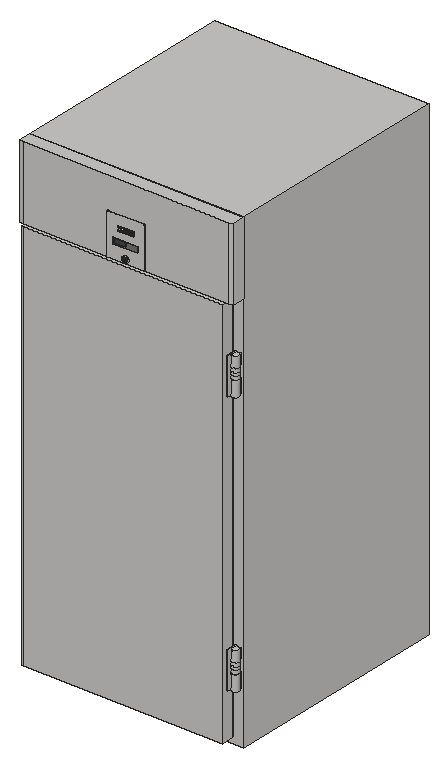
Revit family "QF_ZANUSSI_110885_ZRI16R1FR", category Specialty Equipment, Revit 2018
Family settings
  Round Connector Dimension = Use Diameter
  Part Type = Normal
  Work Plane-Based = No
  Always vertical = Yes
  Cut with Voids When Loaded = No
  Shared = No
  Room Calculation Point = No
Parameters (values of type "Standard")
  Weight = 180.00 kg
  Watts = 18.5806 W
  Volts = 220 V
  URL Manufacturer = "http://www.zanussiprofessional.com"
  URL = "http://www.zanussiprofessional.com"
  Steam Supply Size = 0 mm
  Steam Supply Minimum Pressure = 0.0 Pa
  Steam Supply Maximum Pressure = 0.0 Pa
  Steam Pounds per Hour = 0
  Refrigeration Suction Line Size = 0.031 mm
  Refrigeration Liquid Line Size = 0.02 mm
  Refrigerant Compressor Remote = yes
  Manufacturer = "Zanussi"
  Phase = 1
  Model = "ZRI16R1FR"
  Length Actual = 1021 mm  # constant formula
  Item Number = "110885"
  Hot Water Size = 0 mm
  Height Actual = 2273 mm  # constant formula
  HP = "0.3 HP"
  Gas Size = 0 mm
  Gas KW = 0
  Gas Input Pressure = 0 W
  Description = "1-DOOR ROLL-IN REFRIGERATOR 1600L +2°C/+10°C REMOTE"
  Depth Actual = 1175 mm  # constant formula
  Cycle = 60 Hz
  Condensate Return Size = 0 mm
  Compressed Air Volume = 0.0 L/s
  Compressed Air Size = 0 mm
  Compressed Air Pressure = 0.0 Pa
  Cold Water Size = 0 mm
  Accessory = yes
Types (2, lengths in mm): name | URL | Manufacturer | Phase | Model | Description
  (no name) | 0 | 0 | 0 | 0 | 0
  Standard | "http://www.zanussiprofessional.com" | "Zanussi" | 1 | "ZRI16R1FR" | "1-DOOR ROLL-IN REFRIGERATOR 1600L +2°C/+10°C REMOTE"
Values of the unnamed type that differ from the named types
  Watts = 0 W
  Volts = 0 V
  URL Manufacturer = ""
  Item Number = ""
  HP = ""
  Cycle = 0 Hz
Reference planes
  plane 1 "Center (Front/Back)": y = 0
  plane 2: z = 0
  plane 3 "Center (Left/Right)": x = 0
  plane 4 "TOP": z = 2273
  plane 5 "FRONT": y = -587.5
  plane 6 "BACK": y = 587.5
  plane 7 "LEFT": x = -510.5
  plane 8 "RIGHT": x = 510.5
  plane 9 "ROy": y = -397.5
  plane 10 "RIy": y = -393.5
  plane 11 "ROx": x = 394.5
  plane 12 "RIx": x = 332.5
  plane 13 "ROz": z = 2054
Forms (mm)
  Extrusion 1, solid, material "QF_Finishes_Stainless Steel"
    sketch origin (0, 0, 0) x (1, 0, 0) y (0, 1, 0)
      loop
        line (-510.5, 587.5) -> (-510.5, -515.5) -> (510.5, -515.5) -> (510.5, 587.5) -> (-510.5, 587.5)
    from 0 to 2273
  Extrusion 2, solid
    sketch origin (0, 587.5, 1872) x (-1, 0, 0) y (0, 0, 1)
      loop
        circle (494.5, 306) r 10
    from 0 to 3.2
  Extrusion 3, solid, material "QF_Clearances", detail levels coarse
    sketch origin (0, 0, 0) x (1, 0, 0) y (0, 1, 0)
      loop
        line (-510.5, -587.5) -> (-510.5, 587.5) -> (510.5, 587.5) -> (510.5, -587.5) -> (560.5, -587.5) -> (560.5, 637.5) -> (-560.5, 637.5) -> (-560.5, -587.5) -> (-510.5, -587.5)
    from 0 to 2273
  Extrusion 4, solid, material "QF_Clearances", detail levels coarse
    sketch origin (0, 0, 2273) x (-1, 0, 0) y (0, -1, 0)
      loop
        line (560.5, -637.5) -> (560.5, 587.5) -> (-560.5, 587.5) -> (-560.5, -637.5) -> (560.5, -637.5)
    from 0 to 500
  Extrusion 5, void
    sketch origin (0, 587.5, 0) x (-1, 0, 0) y (0, 0, 1)
      loop
        line (450.5, 1865) -> (-450.5, 1865) -> (-450.5, 5) -> (450.5, 5) -> (450.5, 1865)
    from -59 to -1084
  Extrusion 6, solid, material "QF_Finishes_Stainless Steel"
    sketch origin (0, 0, 2273) x (-1, 0, 0) y (0, -1, 0)
      loop
        circle (-332.5, 393.5) r 3
    from -170 to -70
  Extrusion 7, solid, material "QF_Finishes_Stainless Steel"
    sketch origin (0, 0, 2273) x (-1, 0, 0) y (0, -1, 0)
      loop
        circle (-394.5, 397.5) r 4.76
    from -219 to -250
Cuts and joins
  joined: Extrusion 3, Extrusion 4
  Extrusion 5 cuts Extrusion 1
Lines and regions (mm)
  symbolic lines, style "QF_Clearances", detail levels coarse
    curve 1: line (-510.5, -587.5, 2273) -> (-560.5, -587.5, 2273)
    curve 2: line (-560.5, -587.5, 2273) -> (-560.5, 637.5, 2273)
    curve 3: line (-560.5, 637.5, 2273) -> (560.5, 637.5, 2273)
    curve 4: line (560.5, 637.5, 2273) -> (560.5, -587.5, 2273)
    curve 5: line (560.5, -587.5, 2273) -> (510.5, -587.5, 2273)
Dimensions and locks
  plane 6 "BACK" to plane 1 "Center (Front/Back)" to plane 5 "FRONT" = 587.5 mm, 587.5 mm
  equal spacing: plane 7 "LEFT", plane 3 "Center (Left/Right)", plane 8 "RIGHT"
  plane 7 "LEFT" to plane 8 "RIGHT" = 1021 mm
  plane 6 "BACK" to plane 5 "FRONT" = 1175 mm
  plane 4 "TOP" to plane 2 = 2273 mm
  equal spacing: plane 8 "RIGHT", plane 3 "Center (Left/Right)", plane 7 "LEFT"
  plane 6 "BACK" to nested 1 = 2123 mm
  cut or joined group of Extrusion 1, Extrusion 5 to cut or joined group of Extrusion 1, Extrusion 5 = 901 mm
  cut or joined group of Extrusion 1, Extrusion 5 to cut or joined group of Extrusion 1, Extrusion 5 = 1044 mm
  plane 6 "BACK" to plane 10 "RIy" = 981 mm
  plane 6 "BACK" to plane 9 "ROy" = 985 mm
  plane 12 "RIx" to plane 11 "ROx" = 62 mm
  cut or joined group of Extrusion 1, Extrusion 5 to plane 13 "ROz" = 219 mm
  cut or joined group of Extrusion 3, Extrusion 4 to plane 4 "TOP" = 500 mm
  nested 1 to cut or joined group of Extrusion 1, Extrusion 5 = 1169 mm
  cut or joined group of Extrusion 3, Extrusion 4 to cut or joined group of Extrusion 1, Extrusion 5 = 50 mm
  cut or joined group of Extrusion 3, Extrusion 4 to plane 7 "LEFT" = 50 mm
  cut or joined group of Extrusion 1, Extrusion 5 to cut or joined group of Extrusion 3, Extrusion 4 = 50 mm
  plane 4 "TOP" to plane 13 "ROz" = 219 mm
  plane 11 "ROx" to plane 8 "RIGHT" = 116 mm
  plane 8 "RIGHT" to plane 7 "LEFT" = 1021 mm
  aligned and locked: level to plane 2
Automatic sketch dimensions
  plane 7 "LEFT" to Extrusion 2 sketch curve = 16 mm
  Extrusion 4 sketch curve to plane 5 "FRONT" = 0 mm
  Extrusion 4 sketch curve to plane 8 "RIGHT" = 50 mm
  Extrusion 4 sketch curve to plane 7 "LEFT" = 50 mm
  plane 6 "BACK" to Extrusion 4 sketch curve = 50 mm
  Extrusion 1 sketch curve to plane 7 "LEFT" = 0 mm
  Extrusion 1 sketch curve to plane 8 "RIGHT" = 0 mm
  Extrusion 1 sketch curve to plane 6 "BACK" = 0 mm
  plane 5 "FRONT" to Extrusion 1 sketch curve = 72 mm
  Extrusion 2 sketch curve to plane 4 "TOP" = 95 mm
  Extrusion 3 sketch curve to plane 5 "FRONT" = 0 mm  (x2)
  Extrusion 3 sketch curve to plane 7 "LEFT" = 0 mm
  Extrusion 3 sketch curve to plane 6 "BACK" = 0 mm
  Extrusion 3 sketch curve to plane 8 "RIGHT" = 0 mm
  Extrusion 3 sketch curve to plane 7 "LEFT" = 50 mm
  Extrusion 3 sketch curve to plane 8 "RIGHT" = 50 mm
  plane 6 "BACK" to Extrusion 3 sketch curve = 50 mm
  level to Extrusion 5 sketch curve = 5 mm
  plane 8 "RIGHT" to Extrusion 5 sketch curve = 60 mm
  plane 7 "LEFT" to Extrusion 5 sketch curve = 60 mm
  Extrusion 5 sketch curve to plane 4 "TOP" = 408 mm
  Extrusion 6 sketch curve to plane 10 "RIy" = 0 mm
  Extrusion 6 sketch curve to plane 12 "RIx" = 0 mm
  curve 4 to plane 5 "FRONT" = 0 mm
  curve 5 to plane 8 "RIGHT" = 0 mm
  curve 1 to plane 5 "FRONT" = 0 mm
  curve 1 to plane 7 "LEFT" = 0 mm
  curve 4 to plane 8 "RIGHT" = 50 mm
  curve 2 to plane 7 "LEFT" = 50 mm
  plane 6 "BACK" to curve 4 = 50 mm
  Extrusion 7 sketch curve to plane 9 "ROy" = 0 mm
  Extrusion 7 sketch curve to plane 11 "ROx" = 0 mm
  radius of Extrusion 2 sketch curve = 10 mm
  radius of Extrusion 6 sketch curve = 3 mm
  radius of Extrusion 7 sketch curve = 4.76 mm
Nested families
  nested 1: "QF_110885_Door" at (0, -515.5, 1129.637) x (1, 0, 0) z (0, -1, 0), type "QF_110885_Door"
    with Show Clearance yes
  nested 2: "Refrigerator" at (370, -442.5, 110), type "Refrigerator"
Connectors
  electrical at (-494.5, 590.7, 2178), driven by "Volts"
    settings: on Extrusion 2, index 2, voltage 220 V, apparent load 0 VA, apparent load phase1 0 VA, apparent load phase2 0 VA, apparent load phase3 0 VA, power factor 1, load classification "Other", number of poles 1, system type 30, power factor state 1, is connector primary yes, connector utility no, sub classification motor no, connector description "Electrical Connection"
  piping at (332.5, -393.5, 2203), diameter 6
    settings: on Extrusion 6, index 3, connector inside diameter 609.6 mm, connector length 0 mm, flow factor 0, pipe flow 0.0 L/s, pressure drop 0.0 Pa, fitting loss kfactor 0, connector angle 0.00°, fixture units 0, engagement length 0 mm, angle of deflection 0.00°, flow configuration 1, flow direction 1, fitting loss method 0, system type 7, joint type 0, gender type 0, connector reference index -1, connector utility 0, adjustable connector no, is connector primary yes, connector description "Refrigerant Inlet"
  piping at (394.5, -397.5, 2054), diameter 9.5
    settings: on Extrusion 7, index 4, connector inside diameter 609.6 mm, connector length 0 mm, flow factor 0, pipe flow 0.0 L/s, pressure drop 0.0 Pa, fitting loss kfactor 0, connector angle 0.00°, fixture units 0, engagement length 0 mm, angle of deflection 0.00°, flow configuration 1, flow direction 2, fitting loss method 0, system type 8, joint type 0, gender type 0, connector reference index -1, connector utility 0, adjustable connector no, is connector primary no, connector description "Refrigerant Outlet"
Definition of nested family "QF_110885_Door"
  Parameters
    Show Clearance [instance] = yes
    Model = "110885"
    Default Elevation = 1219.2 mm
  Reference planes
    plane 1 "Center (Front/Back)": y = 6.863
    plane 2: z = 0
    plane 3 "Center (Left/Right)": x = 0
  Forms (mm)
    Extrusion 1, solid
      sketch origin (0, -919.2, 0) x (1, 0, 0) y (0, 1, 0)
        loop
          line (-1100, 2726.7) -> (-1100, -663.873) -> (1016.701, -663.873) -> (1016.701, 2726.7) -> (-1100, 2726.7)
      from 0 to -59.546
    Extrusion 2, solid
      sketch origin (0, 6.863, 0) x (1, 0, 0) y (0, 0, 1)
        loop
          line (-510.5, 60.667) -> (-510.5, 0) -> (510.5, 0) -> (510.5, 60.667) -> (490.5, 66) -> (-490.5, 66) -> (-510.5, 60.667)
      from -1136.5 to -786.5
    Extrusion 3, solid
      sketch origin (0, 6.863, 0) x (1, 0, 0) y (0, 0, 1)
        loop
          line (-498.5, 26) -> (-483.5, 26) -> (-483.5, 8) -> (-465.5, 8) -> (-465.5, 0) -> (457.5, 0) -> (457.5, 8) -> (461.5, 8) -> (461.5, 66) -> (-490.5, 66) -> (-498.5, 63.867) -> (-498.5, 26)
      from -775 to 1105
    Extrusion 4, solid, detail levels coarse
      sketch origin (154.5, 1013.369, -334) x (-1, 0, 0) y (0, 0, -1)
        loop
          line (-367, -352) -> (-367, -1354) -> (-329, -1354) -> (-329, -1332) -> (-311, -1332) -> (-311, -1314) -> (-303, -1314) -> (-303, -400) -> (-351, -400) -> (-351, -352) -> (-367, -352)
      from 2110.506 to 232.142
    Extrusion 5, solid, detail levels coarse
      sketch origin (171.5, 1121.732, -334) x (1, 0, 0) y (0, 0, 1)
        loop
          line (286, 400) -> (286, 1314) -> (294, 1314) -> (294, 1332) -> (312, 1332) -> (312, 1354)
          arc (312, 1354) -> (-379.974, 1081.719) -> (-677, 400) r 972.027
          line (-677, 400) -> (286, 400)
      from 2219.869 to 339.869
    Extrusion 6, solid
      sketch origin (-4, 6.863, 0) x (1, 0, 0) y (0, 0, 1)
        loop
          line (465.5, 46) -> (465.5, 0) -> (474.5, 0) -> (474.5, 46) -> (465.5, 46)
      from -550 to -375
    Extrusion 7, solid
      sketch origin (-4, 6.863, -15.333) x (1, 0, 0) y (0, 0, 1)
        loop
          arc (501.5, 23.843) -> (491.5, 52.333) -> (481.5, 23.843) r 16
          line (481.5, 23.843) -> (481.5, 15.333) -> (501.5, 15.333) -> (501.5, 23.843)
      from -500 to -550
    Extrusion 8, solid
      sketch origin (451.167, 6.863, 512.5) x (0, 0, -1) y (1, 0, 0)
        loop
          arc (501.5, 23.843) -> (491.5, 52.333) -> (481.5, 23.843) r 16
          line (481.5, 23.843) -> (481.5, 19.333) -> (501.5, 19.333) -> (501.5, 23.843)
      from -482 to -500
    Extrusion 9, solid
      sketch origin (-4, 6.863, -15.333) x (1, 0, 0) y (0, 0, 1)
        loop
          arc (501.5, 23.843) -> (491.5, 52.333) -> (481.5, 23.843) r 16
          line (481.5, 23.843) -> (481.5, 15.333) -> (501.5, 15.333) -> (501.5, 23.843)
      from -445 to -375
    Extrusion 10, solid
      sketch origin (451.167, 6.863, 512.5) x (0, 0, -1) y (1, 0, 0)
        loop
          arc (501.5, 23.843) -> (491.5, 52.333) -> (481.5, 23.843) r 16
          line (481.5, 23.843) -> (481.5, 19.333) -> (501.5, 19.333) -> (501.5, 23.843)
      from -469 to -482
    Extrusion 11, solid
      sketch origin (451.167, 6.863, 512.5) x (0, 0, -1) y (1, 0, 0)
        loop
          arc (501.5, 23.843) -> (491.5, 52.333) -> (481.5, 23.843) r 16
          line (481.5, 23.843) -> (481.5, 19.333) -> (501.5, 19.333) -> (501.5, 23.843)
      from -451 to -469
    Extrusion 12, solid
      sketch origin (-4, 6.863, 0) x (1, 0, 0) y (0, 0, 1)
        loop
          circle (491.5, 21) r 12
      from -451 to -445
    Extrusion 13, solid
      sketch origin (-4, -1252.773, 0) x (1, 0, 0) y (0, 0, 1)
        loop
          line (465.5, 46) -> (465.5, 0) -> (474.5, 0) -> (474.5, 46) -> (465.5, 46)
      from -550 to -375
    Extrusion 14, solid
      sketch origin (-4, -1252.773, -15.333) x (1, 0, 0) y (0, 0, 1)
        loop
          arc (501.5, 23.843) -> (491.5, 52.333) -> (481.5, 23.843) r 16
          line (481.5, 23.843) -> (481.5, 15.333) -> (501.5, 15.333) -> (501.5, 23.843)
      from -500 to -550
    Extrusion 15, solid
      sketch origin (451.167, -1252.773, 512.5) x (0, 0, -1) y (1, 0, 0)
        loop
          arc (501.5, 23.843) -> (491.5, 52.333) -> (481.5, 23.843) r 16
          line (481.5, 23.843) -> (481.5, 19.333) -> (501.5, 19.333) -> (501.5, 23.843)
      from -482 to -500
    Extrusion 16, solid
      sketch origin (-4, -1252.773, -15.333) x (1, 0, 0) y (0, 0, 1)
        loop
          arc (501.5, 23.843) -> (491.5, 52.333) -> (481.5, 23.843) r 16
          line (481.5, 23.843) -> (481.5, 15.333) -> (501.5, 15.333) -> (501.5, 23.843)
      from -445 to -375
    Extrusion 17, solid
      sketch origin (451.167, -1252.773, 512.5) x (0, 0, -1) y (1, 0, 0)
        loop
          arc (501.5, 23.843) -> (491.5, 52.333) -> (481.5, 23.843) r 16
          line (481.5, 23.843) -> (481.5, 19.333) -> (501.5, 19.333) -> (501.5, 23.843)
      from -469 to -482
    Extrusion 18, solid
      sketch origin (451.167, -1252.773, 512.5) x (0, 0, -1) y (1, 0, 0)
        loop
          arc (501.5, 23.843) -> (491.5, 52.333) -> (481.5, 23.843) r 16
          line (481.5, 23.843) -> (481.5, 19.333) -> (501.5, 19.333) -> (501.5, 23.843)
      from -451 to -469
    Extrusion 19, solid
      sketch origin (-4, -1252.773, 0) x (1, 0, 0) y (0, 0, 1)
        loop
          circle (491.5, 21) r 12
      from -451 to -445
  Lines and regions (mm)
    symbolic lines
      curve 1: line (-510.5, 6.863, 0) -> (-510.5, 6.863, 60.667)
      curve 2: line (510.5, 6.863, 0) -> (-510.5, 6.863, 0)
      curve 3: line (521.5, 6.863, 18) -> (521.5, 6.863, 1020)
      curve 4: line (457.5, 6.863, 66) -> (457.5, 6.863, 980)
      curve 5: line (521.5, 6.863, 1020) -> (483.5, 6.863, 1020)
      curve 6: line (483.5, 6.863, 998) -> (483.5, 6.863, 1020)
      curve 7: line (465.5, 6.863, 998) -> (483.5, 6.863, 998)
      curve 8: line (465.5, 6.863, 980) -> (465.5, 6.863, 998)
      curve 9: line (457.5, 6.863, 980) -> (465.5, 6.863, 980)
      curve 10: line (510.5, 6.863, 18) -> (521.5, 6.863, 18)
      curve 11: line (-490.5, 6.863, 66) -> (-510.5, 6.863, 60.667)
      curve 12: line (490.5, 6.863, 66) -> (-490.5, 6.863, 66)
      curve 13: line (510.5, 6.863, 60.667) -> (490.5, 6.863, 66)
      curve 14: line (510.5, 6.863, 60.667) -> (510.5, 6.863, 0)
      curve 15: arc (483.5, 6.863, 1020) -> (-208.474, 6.863, 747.719) -> (-505.5, 6.863, 66) r 972.027
  Dimensions and locks
    aligned and locked: plane 2 to Extrusion 1
    aligned and locked: level to Extrusion 1
  Nested families
    nested 1: "QF_DisplayNewRollCabinets_ZAN" at (0, 893.363, 66), type "QF_DisplayNewRollCabinets_ZAN"
      with Show Clearance yes
  Definition of nested family "QF_DisplayNewRollCabinets_ZAN"
    Parameters
      Show Clearance [instance] = yes
      Model = "728658"
      Default Elevation = 1219.2 mm
    Reference planes
      plane 1 "Center (Front/Back)": y = 0
      plane 2: z = 0
      plane 3 "Center (Left/Right)": x = 0
    Forms (mm)
      Extrusion 1, solid
        sketch origin (0, -919.2, 0) x (1, 0, 0) y (0, 1, 0)
          loop
            line (-198.75, 1146.2) -> (-198.75, 709.567) -> (165.741, 709.567) -> (165.741, 1146.2) -> (-198.75, 1146.2)
        from 0 to -59.546
      Extrusion 2, solid
        sketch origin (-59, -79.611, 0) x (0, 1, 0) y (-1, 0, 0)
          loop
            circle (0.611, -59) r 14
          loop
            circle (0.611, -59) r 10
        from 1.6 to 6
      Extrusion 3, solid
        sketch origin (744.635, 285.889, 0) x (0, 1, 0) y (-1, 0, 0)
          loop
            circle (-364.889, 744.635) r 10
          loop
            circle (-364.889, 744.635) r 9
        from 1.6 to 6
      Extrusion 4, solid
        sketch origin (744.635, 285.889, 0) x (0, 1, 0) y (-1, 0, 0)
          loop
            circle (-364.889, 744.635) r 8.7
        from 1.6 to 6
      Extrusion 5, void
        sketch origin (744.635, 285.889, 0) x (0, 1, 0) y (-1, 0, 0)
          loop
            line (-372.339, 745.885) -> (-372.339, 743.385) -> (-362.339, 743.385) -> (-362.339, 745.885) -> (-372.339, 745.885)
        from 3 to 7
      Extrusion 6, solid
        sketch origin (0, 0, 0) x (1, 0, 0) y (0, 1, 0)
          loop
            arc (-90, -95) -> (-88.536, -98.536) -> (-85, -100) r 5
            line (-85, -100) -> (85, -100)
            arc (85, -100) -> (88.536, -98.536) -> (90, -95) r 5
            line (90, -95) -> (90, 95)
            arc (90, 95) -> (88.536, 98.536) -> (85, 100) r 5
            line (85, 100) -> (-85, 100)
            arc (-85, 100) -> (-88.536, 98.536) -> (-90, 95) r 5
            line (-90, 95) -> (-90, -95)
          loop
            line (-60, -3.798) -> (-60, -32.827) -> (60, -32.827) -> (60, -3.798) -> (-60, -3.798)
        from 0 to 1.6
      Extrusion 7, solid
        sketch origin (0, 0, 0) x (1, 0, 0) y (0, 1, 0)
          loop
            line (-60, -3.798) -> (-60, -32.827) -> (60, -32.827) -> (60, -3.798) -> (-60, -3.798)
          loop
            line (-56.428, -8.037) -> (-56.428, -28.331) -> (0, -28.331) -> (0, -8.037) -> (-56.428, -8.037)
        from 0 to 1.6
      Extrusion 8, solid
        sketch origin (0, 0, 0) x (1, 0, 0) y (0, 1, 0)
          loop
            line (-56.428, -8.037) -> (-56.428, -28.331) -> (0, -28.331) -> (0, -8.037) -> (-56.428, -8.037)
        from 0 to 1.6
      Extrusion 9, solid
        sketch origin (0, 15, 0) x (1, 0, 0) y (0, 1, 0)
          loop
            line (-24.658, 16.724) -> (-24.658, 20.689) -> (-30.605, 20.689) -> (-24.658, 32.81) -> (-24.658, 36.095) -> (-34.514, 36.095) -> (-34.514, 32.47) -> (-29.303, 32.583) -> (-34.967, 20.689) -> (-34.967, 16.724) -> (-24.658, 16.724)
          loop
            line (-18.968, 23.974) -> (-16.702, 23.974) -> (-17.835, 32.784) -> (-18.968, 23.974)
          loop
            line (-19.988, 16.724) -> (-19.421, 20.462) -> (-16.136, 20.462) -> (-15.57, 16.724) -> (-11.491, 16.724) -> (-15.116, 36.095) -> (-20.554, 36.095) -> (-24.066, 16.724) -> (-19.988, 16.724)
          loop
            line (-10.989, 36.095) -> (-10.989, 16.724) -> (-7.478, 16.724) -> (-7.478, 29.525) -> (-4.192, 16.724) -> (0.113, 16.724) -> (0.113, 36.095) -> (-3.512, 36.095) -> (-3.512, 23.747) -> (-6.798, 36.095) -> (-10.989, 36.095)
          loop
            arc (1.019, 21.515) -> (5.865, 16.692) -> (11.328, 20.802) r 5.22
            line (11.328, 20.802) -> (11.328, 36.095) -> (7.363, 36.095) -> (7.363, 21.708)
            arc (7.363, 21.708) -> (6.321, 20.507) -> (4.984, 21.368) r 1.214
            line (4.984, 21.368) -> (4.984, 36.095) -> (1.019, 36.095) -> (1.019, 21.515)
          loop
            line (18.691, 29.978) -> (22.43, 29.978) -> (22.491, 31.739)
            arc (22.491, 31.739) -> (22.231, 33.702) -> (20.999, 35.254) r 3.719
            arc (20.999, 35.254) -> (17.381, 36.433) -> (13.762, 35.254) r 6.139
            arc (13.762, 35.254) -> (12.287, 32.389) -> (12.47, 29.172) r 6.125
            arc (12.47, 29.172) -> (13.682, 27.393) -> (15.169, 25.838) r 13.068
            line (15.169, 25.838) -> (16.84, 24.357)
            arc (16.84, 24.357) -> (17.826, 23.519) -> (18.593, 22.477) r 5.571
            arc (18.593, 22.477) -> (18.403, 20.654) -> (16.617, 20.247) r 1.573
            arc (16.617, 20.247) -> (16.079, 20.792) -> (15.849, 21.521) r 1.631
            arc (15.849, 21.521) -> (15.831, 22.035) -> (15.849, 22.549) r 7.441
            arc (15.849, 22.549) -> (15.866, 23.035) -> (15.849, 23.521) r 7.03
            line (15.849, 23.521) -> (11.894, 23.521)
            arc (11.894, 23.521) -> (11.932, 20.748) -> (13.025, 18.199) r 7.131
            arc (13.025, 18.199) -> (18.19, 16.728) -> (22.54, 19.877) r 6.148
            arc (22.54, 19.877) -> (22.619, 23.128) -> (21.224, 26.067) r 7.021
            line (21.224, 26.067) -> (16.879, 29.978)
            arc (16.879, 29.978) -> (16.291, 30.717) -> (15.976, 31.606) r 2.858
            arc (15.976, 31.606) -> (17.094, 33.203) -> (18.691, 32.085) r 1.379
            line (18.691, 32.085) -> (18.691, 29.978)
          loop
            line (29.989, 29.978) -> (33.728, 29.978) -> (33.789, 31.739)
            arc (33.789, 31.739) -> (33.529, 33.702) -> (32.297, 35.254) r 3.719
            arc (32.297, 35.254) -> (28.679, 36.433) -> (25.061, 35.254) r 6.139
            arc (25.061, 35.254) -> (23.585, 32.389) -> (23.768, 29.172) r 6.125
            arc (23.768, 29.172) -> (24.98, 27.393) -> (26.468, 25.838) r 13.068
            line (26.468, 25.838) -> (28.138, 24.357)
            arc (28.138, 24.357) -> (29.125, 23.519) -> (29.892, 22.477) r 5.571
            arc (29.892, 22.477) -> (29.702, 20.654) -> (27.915, 20.247) r 1.573
            arc (27.915, 20.247) -> (27.378, 20.792) -> (27.147, 21.521) r 1.631
            arc (27.147, 21.521) -> (27.13, 22.035) -> (27.147, 22.549) r 7.441
            arc (27.147, 22.549) -> (27.164, 23.035) -> (27.147, 23.521) r 7.03
            line (27.147, 23.521) -> (23.192, 23.521)
            arc (23.192, 23.521) -> (23.231, 20.748) -> (24.324, 18.199) r 7.131
            arc (24.324, 18.199) -> (29.488, 16.728) -> (33.838, 19.877) r 6.148
            arc (33.838, 19.877) -> (33.917, 23.128) -> (32.523, 26.067) r 7.021
            line (32.523, 26.067) -> (28.177, 29.978)
            arc (28.177, 29.978) -> (27.589, 30.717) -> (27.274, 31.606) r 2.858
            arc (27.274, 31.606) -> (28.393, 33.203) -> (29.989, 32.085) r 1.379
            line (29.989, 32.085) -> (29.989, 29.978)
          loop
            line (34.551, 36.095) -> (34.551, 16.724) -> (38.516, 16.724) -> (38.516, 36.095) -> (34.551, 36.095)
        from 1.6 to 3.2
      Extrusion 10, solid
        sketch origin (0, 0, 0) x (1, 0, 0) y (0, 1, 0)
          loop
            line (1.25, -86.45) -> (1.25, -76.45) -> (-1.25, -76.45) -> (-1.25, -86.45) -> (1.25, -86.45)
        from 1.6 to 6
    Cuts and joins
      Extrusion 5 cuts Extrusion 4
    Lines and regions (mm)
      symbolic lines
        curve 1: line (52.518, 0, 4) -> (-53.037, 0, 4)
        curve 2: line (40, 0, 4) -> (40, 0, 6)
        curve 3: line (40, 0, 6) -> (-40, 0, 6)
        curve 4: line (-40, 0, 6) -> (-40, 0, 4)
        curve 5: line (-64.765, 0, 0) -> (-53.037, 0, 4)
        curve 6: line (52.518, 0, 4) -> (64.135, 0, 0)
    Dimensions and locks
      aligned and locked: plane 2 to Extrusion 1
      aligned and locked: level to Extrusion 1
Definition of nested family "Refrigerator"
  Reference planes
    plane 1 "Center (Front/Back)": y = 0
    plane 2: z = 0
    plane 3 "Center (Left/Right)": x = 0
  Lines and regions (mm)
    detail lines, in view "Ref. Level"
      curve 1: spline (-500, 190, 0) -> (-493.185, 166.706, 0) -> (-473.205, 145, 0) -> (-441.421, 126.36, 0) -> (-400, 112.058, 0) -> (-351.764, 103.067, 0) -> (-300, 100, 0) -> (-248.236, 103.067, 0) -> (-200, 112.058, 0) -> (-158.579, 126.36, 0) -> (-126.795, 145, 0) -> (-106.815, 166.706, 0) -> (-100, 190, 0) -> (-106.815, 213.294, 0) -> (-126.795, 235, 0) -> (-158.579, 253.64, 0) -> (-200, 267.942, 0) -> (-248.236, 276.933, 0) -> (-300, 280, 0) -> (-351.764, 276.933, 0) -> (-400, 267.942, 0) -> (-441.421, 253.64, 0) -> (-473.205, 235, 0) -> (-493.185, 213.294, 0) -> (-500, 190, 0)
      curve 2: line (-300, 130, 0) -> (-300, 250, 0)
      curve 3: line (-351.962, 220, 0) -> (-248.038, 160, 0)
      curve 4: line (-351.962, 160, 0) -> (-248.038, 220, 0)
      curve 5: line (-280.884, 246.873, 0) -> (-300, 225, 0)
      curve 6: line (-300, 225, 0) -> (-319.116, 246.873, 0)
      curve 7: line (-330.311, 207.5, 0) -> (-339.696, 234.992, 0)
      curve 8: line (-358.812, 201.882, 0) -> (-330.311, 207.5, 0)
      curve 9: line (-330.311, 172.5, 0) -> (-358.812, 178.118, 0)
      curve 10: line (-339.696, 145.008, 0) -> (-330.311, 172.5, 0)
      curve 11: line (-300, 155, 0) -> (-319.116, 133.127, 0)
      curve 12: line (-280.884, 133.127, 0) -> (-300, 155, 0)
      curve 13: line (-269.689, 172.5, 0) -> (-260.304, 145.008, 0)
      curve 14: line (-241.188, 178.118, 0) -> (-269.689, 172.5, 0)
      curve 15: line (-269.689, 207.5, 0) -> (-241.188, 201.882, 0)
      curve 16: line (-260.304, 234.992, 0) -> (-269.689, 207.5, 0)
